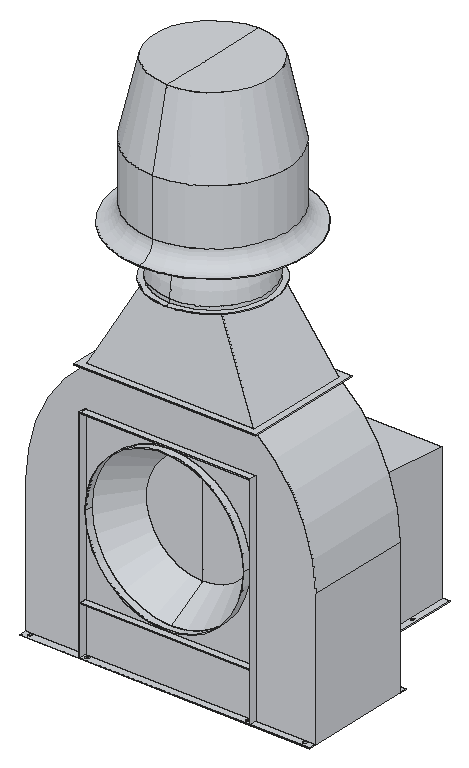
Revit family "CAVP", category Mechanical Equipment, Revit 2019 (continued)
Types (228): name | TRANSITION/2 | TRANSITION | R-((B/2)+1.5") | R+((B/2)+1.5") | R*1.1 | R | P | NOZZLE_WB_RAD-2" | NOZZLE_WB_RAD | NOZZLE_WB_OD | NOZZLE_WB/4 | NOZZLE_TOP_RAD | NOZZLE_TOP_OD | NOZZLE_SIZE | NOZZLE_HEIGHT/7*2 | NOZZLE_HEIGHT | NOZZLE_BOTTOM_RAD-3*2 | NOZZLE_BOTTOM_RAD | NOZZLE_BOTTOM_ID | N+(H/2) | N | M-(2*(D-L-K-J)) | M | L | K | J+K+L | J | HEIGHT | H/2 | H | F/2 | F | E/52*15 | E/2 | E | D-M | D-L-K-J | D | CLASS | C/2 | C | B/4 | B/2 | B | A/2 | A | Type Comments | -(F-((F-H)/2))/2 | (NOZZLE_WB_OD - NOZZLE_TOP_OD) / 4 | (NOZZLE_HEIGHT - (NOZZLE_HEIGHT / 8 * 2)) / 2 | (M - (2 * (D - L - K - J)))/2 | (F-((F-H)/2))/2 | (D-J-K-L)*2 | (B/2)-.125" | (B/2)+1.5" | ((M - (2 * (D - L - K - J))) / 2) + (TRANSITION / 2)
  210_CAVP-15H_CLASS_1 | 7.5572" | 15.11441" | 9 25/32" | 38 23/32" | 26.675" | 24 1/4" | 60" | 16" | 18" | 36" | 7.2" | 11 1/2" | 23" | 15" | 10 3/4" | 43" | 4 11/16" | 10 11/16" | 21 3/8" | 20 5/8" | 7 9/16" | 16 5/16" | 18 5/16" | 20 5/16" | 15 1/8" | 43 15/16" | 8 1/2" | 44.01068" | 13 1/16" | 26 1/8" | 14 1/16" | 28 1/8" | 13.05288" | 22 5/8" | 45 1/4" | 26 5/8" | 1" | 44 15/16" | 1" | 28 3/8" | 56 3/4" | 6 31/64" | 12 31/32" | 25 15/16" | 49 5/8" | 99 1/4" | "Vari-Plume Laboratory Exhaust Centrifugal Airfoil Class 1 Arr 10" | -12 1/16" | 3 1/4" | 16 1/8" | 8 5/32" | 12 1/16" | 2" | 12 27/32" | 14 15/32" | 15.71345"
  210_CAVP-15L_CLASS_1 | 7.5572" | 15.11441" | 9 25/32" | 38 23/32" | 26.675" | 24 1/4" | 60" | 16" | 18" | 36" | 7.2" | 11 1/2" | 23" | 15" | 10 3/4" | 43" | 4 11/16" | 10 11/16" | 21 3/8" | 20 5/8" | 7 9/16" | 16 5/16" | 18 5/16" | 20 5/16" | 15 1/8" | 43 15/16" | 8 1/2" | 44.01068" | 13 1/16" | 26 1/8" | 14 1/16" | 28 1/8" | 13.05288" | 22 5/8" | 45 1/4" | 26 5/8" | 1" | 44 15/16" | 1" | 28 3/8" | 56 3/4" | 6 31/64" | 12 31/32" | 25 15/16" | 49 5/8" | 99 1/4" | "Vari-Plume Laboratory Exhaust Centrifugal Airfoil Class 1 Arr 10" | -12 1/16" | 3 1/4" | 16 1/8" | 8 5/32" | 12 1/16" | 2" | 12 27/32" | 14 15/32" | 15.71345"
  210_CAVP-15L_CLASS_2 | 7.5572" | 15.11441" | 9 25/32" | 38 23/32" | 26.675" | 24 1/4" | 60" | 16" | 18" | 36" | 7.2" | 11 1/2" | 23" | 15" | 10 3/4" | 43" | 4 11/16" | 10 11/16" | 21 3/8" | 20 5/8" | 7 9/16" | 16 5/16" | 18 5/16" | 20 5/16" | 15 1/8" | 43 15/16" | 8 1/2" | 44.01068" | 13 1/16" | 26 1/8" | 14 1/16" | 28 1/8" | 13.05288" | 22 5/8" | 45 1/4" | 26 5/8" | 1" | 44 15/16" | 2" | 28 3/8" | 56 3/4" | 6 31/64" | 12 31/32" | 25 15/16" | 49 5/8" | 99 1/4" | "Vari-Plume Laboratory Exhaust Centrifugal Airfoil Class 2 Arr 10" | -12 1/16" | 3 1/4" | 16 1/8" | 8 5/32" | 12 1/16" | 2" | 12 27/32" | 14 15/32" | 15.71345"
  210_CAVP-15H_CLASS_2 | 7.5572" | 15.11441" | 9 25/32" | 38 23/32" | 26.675" | 24 1/4" | 60" | 16" | 18" | 36" | 7.2" | 11 1/2" | 23" | 15" | 10 3/4" | 43" | 4 11/16" | 10 11/16" | 21 3/8" | 20 5/8" | 7 9/16" | 16 5/16" | 18 5/16" | 20 5/16" | 15 1/8" | 43 15/16" | 8 1/2" | 44.01068" | 13 1/16" | 26 1/8" | 14 1/16" | 28 1/8" | 13.05288" | 22 5/8" | 45 1/4" | 26 5/8" | 1" | 44 15/16" | 2" | 28 3/8" | 56 3/4" | 6 31/64" | 12 31/32" | 25 15/16" | 49 5/8" | 99 1/4" | "Vari-Plume Laboratory Exhaust Centrifugal Airfoil Class 2 Arr 10" | -12 1/16" | 3 1/4" | 16 1/8" | 8 5/32" | 12 1/16" | 2" | 12 27/32" | 14 15/32" | 15.71345"
  210_CAVP-12L_CLASS_2 | 6.0325" | 12.06501" | 9 25/32" | 38 23/32" | 26.675" | 24 1/4" | 60" | 12" | 14" | 28" | 5.6" | 9 3/4" | 19 1/2" | 12" | 8" | 32" | 2 17/32" | 8 17/32" | 17 1/16" | 20 5/8" | 7 9/16" | 16 5/16" | 18 5/16" | 20 5/16" | 15 1/8" | 43 15/16" | 8 1/2" | 44.01068" | 13 1/16" | 26 1/8" | 14 1/16" | 28 1/8" | 13.05288" | 22 5/8" | 45 1/4" | 26 5/8" | 1" | 44 15/16" | 2" | 28 3/8" | 56 3/4" | 6 31/64" | 12 31/32" | 25 15/16" | 49 5/8" | 99 1/4" | "Vari-Plume Laboratory Exhaust Centrifugal Airfoil Class 2 Arr 10" | -12 1/16" | 2 1/8" | 12" | 8 5/32" | 12 1/16" | 2" | 12 27/32" | 14 15/32" | 14.18875"
  210_CAVP-12H_CLASS_2 | 6.0325" | 12.06501" | 9 25/32" | 38 23/32" | 26.675" | 24 1/4" | 60" | 12" | 14" | 28" | 5.6" | 9 3/4" | 19 1/2" | 12" | 8" | 32" | 2 17/32" | 8 17/32" | 17 1/16" | 20 5/8" | 7 9/16" | 16 5/16" | 18 5/16" | 20 5/16" | 15 1/8" | 43 15/16" | 8 1/2" | 44.01068" | 13 1/16" | 26 1/8" | 14 1/16" | 28 1/8" | 13.05288" | 22 5/8" | 45 1/4" | 26 5/8" | 1" | 44 15/16" | 2" | 28 3/8" | 56 3/4" | 6 31/64" | 12 31/32" | 25 15/16" | 49 5/8" | 99 1/4" | "Vari-Plume Laboratory Exhaust Centrifugal Airfoil Class 2 Arr 10" | -12 1/16" | 2 1/8" | 12" | 8 5/32" | 12 1/16" | 2" | 12 27/32" | 14 15/32" | 14.18875"
  225_CAVP-12H_CLASS_1 | 6.0325" | 12.06501" | 9 1/32" | 39 15/32" | 26.675" | 24 1/4" | 60" | 12" | 14" | 28" | 5.6" | 9 3/4" | 19 1/2" | 12" | 8" | 32" | 2 17/32" | 8 17/32" | 17 1/16" | 22 5/32" | 8 11/32" | 17 7/16" | 19 7/16" | 21 7/16" | 15 1/8" | 45 1/16" | 8 1/2" | 45.34807" | 13 13/16" | 27 5/8" | 14 13/16" | 29 5/8" | 13.9363" | 24 5/32" | 48 5/16" | 26 5/8" | 1" | 46 1/16" | 1" | 29 19/32" | 59 3/16" | 6 55/64" | 13 23/32" | 27 7/16" | 53 11/32" | 106 11/16" | "Vari-Plume Laboratory Exhaust Centrifugal Airfoil Class 1 Arr 10" | -12 13/16" | 2 1/8" | 12" | 8 23/32" | 12 13/16" | 2" | 13 19/32" | 15 7/32" | 14.75125"
  225_CAVP-12L_CLASS_1 | 6.0325" | 12.06501" | 9 1/32" | 39 15/32" | 26.675" | 24 1/4" | 60" | 12" | 14" | 28" | 5.6" | 9 3/4" | 19 1/2" | 12" | 8" | 32" | 2 17/32" | 8 17/32" | 17 1/16" | 22 5/32" | 8 11/32" | 17 7/16" | 19 7/16" | 21 7/16" | 15 1/8" | 45 1/16" | 8 1/2" | 45.34807" | 13 13/16" | 27 5/8" | 14 13/16" | 29 5/8" | 13.9363" | 24 5/32" | 48 5/16" | 26 5/8" | 1" | 46 1/16" | 1" | 29 19/32" | 59 3/16" | 6 55/64" | 13 23/32" | 27 7/16" | 53 11/32" | 106 11/16" | "Vari-Plume Laboratory Exhaust Centrifugal Airfoil Class 1 Arr 10" | -12 13/16" | 2 1/8" | 12" | 8 23/32" | 12 13/16" | 2" | 13 19/32" | 15 7/32" | 14.75125"
  225_CAVP-15L_CLASS_1 | 7.5572" | 15.11441" | 9 1/32" | 39 15/32" | 26.675" | 24 1/4" | 60" | 16" | 18" | 36" | 7.2" | 11 1/2" | 23" | 15" | 10 3/4" | 43" | 4 11/16" | 10 11/16" | 21 3/8" | 22 5/32" | 8 11/32" | 17 7/16" | 19 7/16" | 21 7/16" | 15 1/8" | 45 1/16" | 8 1/2" | 45.34807" | 13 13/16" | 27 5/8" | 14 13/16" | 29 5/8" | 13.9363" | 24 5/32" | 48 5/16" | 26 5/8" | 1" | 46 1/16" | 1" | 29 19/32" | 59 3/16" | 6 55/64" | 13 23/32" | 27 7/16" | 53 11/32" | 106 11/16" | "Vari-Plume Laboratory Exhaust Centrifugal Airfoil Class 1 Arr 10" | -12 13/16" | 3 1/4" | 16 1/8" | 8 23/32" | 12 13/16" | 2" | 13 19/32" | 15 7/32" | 16.27595"
  225_CAVP-18H_CLASS_1 | 9.05981" | 18.11961" | 9 1/32" | 39 15/32" | 26.675" | 24 1/4" | 60" | 19 1/2" | 21 1/2" | 43" | 8.6" | 13 3/4" | 27 1/2" | 18" | 12" | 48" | 6 13/16" | 12 13/16" | 25 5/8" | 22 5/32" | 8 11/32" | 17 7/16" | 19 7/16" | 21 7/16" | 15 1/8" | 45 1/16" | 8 1/2" | 45.34807" | 13 13/16" | 27 5/8" | 14 13/16" | 29 5/8" | 13.9363" | 24 5/32" | 48 5/16" | 26 5/8" | 1" | 46 1/16" | 1" | 29 19/32" | 59 3/16" | 6 55/64" | 13 23/32" | 27 7/16" | 53 11/32" | 106 11/16" | "Vari-Plume Laboratory Exhaust Centrifugal Airfoil Class 1 Arr 10" | -12 13/16" | 3 7/8" | 18" | 8 23/32" | 12 13/16" | 2" | 13 19/32" | 15 7/32" | 17.77856"
  225_CAVP-18L_CLASS_1 | 9.05981" | 18.11961" | 9 1/32" | 39 15/32" | 26.675" | 24 1/4" | 60" | 19 1/2" | 21 1/2" | 43" | 8.6" | 13 3/4" | 27 1/2" | 18" | 12" | 48" | 6 13/16" | 12 13/16" | 25 5/8" | 22 5/32" | 8 11/32" | 17 7/16" | 19 7/16" | 21 7/16" | 15 1/8" | 45 1/16" | 8 1/2" | 45.34807" | 13 13/16" | 27 5/8" | 14 13/16" | 29 5/8" | 13.9363" | 24 5/32" | 48 5/16" | 26 5/8" | 1" | 46 1/16" | 1" | 29 19/32" | 59 3/16" | 6 55/64" | 13 23/32" | 27 7/16" | 53 11/32" | 106 11/16" | "Vari-Plume Laboratory Exhaust Centrifugal Airfoil Class 1 Arr 10" | -12 13/16" | 3 7/8" | 18" | 8 23/32" | 12 13/16" | 2" | 13 19/32" | 15 7/32" | 17.77856"
  225_CAVP-18H_CLASS_2 | 9.05981" | 18.11961" | 9 1/32" | 39 15/32" | 26.675" | 24 1/4" | 60" | 19 1/2" | 21 1/2" | 43" | 8.6" | 13 3/4" | 27 1/2" | 18" | 12" | 48" | 6 13/16" | 12 13/16" | 25 5/8" | 22 5/16" | 8 1/2" | 17 7/16" | 19 7/16" | 21 7/16" | 19 3/8" | 49 1/16" | 8 1/4" | 45.34807" | 13 13/16" | 27 5/8" | 14 13/16" | 29 5/8" | 13.9363" | 24 5/32" | 48 5/16" | 30 5/8" | 1" | 50 1/16" | 2" | 29 19/32" | 59 3/16" | 6 55/64" | 13 23/32" | 27 7/16" | 53 11/32" | 106 11/16" | "Vari-Plume Laboratory Exhaust Centrifugal Airfoil Class 2 Arr 10" | -12 13/16" | 3 7/8" | 18" | 8 23/32" | 12 13/16" | 2" | 13 19/32" | 15 7/32" | 17.77856"
  225_CAVP-18L_CLASS_2 | 9.05981" | 18.11961" | 9 1/32" | 39 15/32" | 26.675" | 24 1/4" | 60" | 19 1/2" | 21 1/2" | 43" | 8.6" | 13 3/4" | 27 1/2" | 18" | 12" | 48" | 6 13/16" | 12 13/16" | 25 5/8" | 22 5/16" | 8 1/2" | 17 7/16" | 19 7/16" | 21 7/16" | 19 3/8" | 49 1/16" | 8 1/4" | 45.34807" | 13 13/16" | 27 5/8" | 14 13/16" | 29 5/8" | 13.9363" | 24 5/32" | 48 5/16" | 30 5/8" | 1" | 50 1/16" | 2" | 29 19/32" | 59 3/16" | 6 55/64" | 13 23/32" | 27 7/16" | 53 11/32" | 106 11/16" | "Vari-Plume Laboratory Exhaust Centrifugal Airfoil Class 2 Arr 10" | -12 13/16" | 3 7/8" | 18" | 8 23/32" | 12 13/16" | 2" | 13 19/32" | 15 7/32" | 17.77856"
  225_CAVP-15H_CLASS_2 | 7.5572" | 15.11441" | 9 1/32" | 39 15/32" | 26.675" | 24 1/4" | 60" | 16" | 18" | 36" | 7.2" | 11 1/2" | 23" | 15" | 10 3/4" | 43" | 4 11/16" | 10 11/16" | 21 3/8" | 22 5/16" | 8 1/2" | 17 7/16" | 19 7/16" | 21 7/16" | 19 3/8" | 49 1/16" | 8 1/4" | 45.34807" | 13 13/16" | 27 5/8" | 14 13/16" | 29 5/8" | 13.9363" | 24 5/32" | 48 5/16" | 30 5/8" | 1" | 50 1/16" | 2" | 29 19/32" | 59 3/16" | 6 55/64" | 13 23/32" | 27 7/16" | 53 11/32" | 106 11/16" | "Vari-Plume Laboratory Exhaust Centrifugal Airfoil Class 2 Arr 10" | -12 13/16" | 3 1/4" | 16 1/8" | 8 23/32" | 12 13/16" | 2" | 13 19/32" | 15 7/32" | 16.27595"
  225_CAVP-15L_CLASS_2 | 7.5572" | 15.11441" | 9 1/32" | 39 15/32" | 26.675" | 24 1/4" | 60" | 16" | 18" | 36" | 7.2" | 11 1/2" | 23" | 15" | 10 3/4" | 43" | 4 11/16" | 10 11/16" | 21 3/8" | 22 5/16" | 8 1/2" | 17 7/16" | 19 7/16" | 21 7/16" | 19 3/8" | 49 1/16" | 8 1/4" | 45.34807" | 13 13/16" | 27 5/8" | 14 13/16" | 29 5/8" | 13.9363" | 24 5/32" | 48 5/16" | 30 5/8" | 1" | 50 1/16" | 2" | 29 19/32" | 59 3/16" | 6 55/64" | 13 23/32" | 27 7/16" | 53 11/32" | 106 11/16" | "Vari-Plume Laboratory Exhaust Centrifugal Airfoil Class 2 Arr 10" | -12 13/16" | 3 1/4" | 16 1/8" | 8 23/32" | 12 13/16" | 2" | 13 19/32" | 15 7/32" | 16.27595"
  225_CAVP-12H_CLASS_2 | 6.0325" | 12.06501" | 9 1/32" | 39 15/32" | 26.675" | 24 1/4" | 60" | 12" | 14" | 28" | 5.6" | 9 3/4" | 19 1/2" | 12" | 8" | 32" | 2 17/32" | 8 17/32" | 17 1/16" | 22 5/16" | 8 1/2" | 17 7/16" | 19 7/16" | 21 7/16" | 19 3/8" | 49 1/16" | 8 1/4" | 45.34807" | 13 13/16" | 27 5/8" | 14 13/16" | 29 5/8" | 13.9363" | 24 5/32" | 48 5/16" | 30 5/8" | 1" | 50 1/16" | 2" | 29 19/32" | 59 3/16" | 6 55/64" | 13 23/32" | 27 7/16" | 53 11/32" | 106 11/16" | "Vari-Plume Laboratory Exhaust Centrifugal Airfoil Class 2 Arr 10" | -12 13/16" | 2 1/8" | 12" | 8 23/32" | 12 13/16" | 2" | 13 19/32" | 15 7/32" | 14.75125"
  225_CAVP-12L_CLASS_2 | 6.0325" | 12.06501" | 9 1/32" | 39 15/32" | 26.675" | 24 1/4" | 60" | 12" | 14" | 28" | 5.6" | 9 3/4" | 19 1/2" | 12" | 8" | 32" | 2 17/32" | 8 17/32" | 17 1/16" | 22 5/16" | 8 1/2" | 17 7/16" | 19 7/16" | 21 7/16" | 19 3/8" | 49 1/16" | 8 1/4" | 45.34807" | 13 13/16" | 27 5/8" | 14 13/16" | 29 5/8" | 13.9363" | 24 5/32" | 48 5/16" | 30 5/8" | 1" | 50 1/16" | 2" | 29 19/32" | 59 3/16" | 6 55/64" | 13 23/32" | 27 7/16" | 53 11/32" | 106 11/16" | "Vari-Plume Laboratory Exhaust Centrifugal Airfoil Class 2 Arr 10" | -12 13/16" | 2 1/8" | 12" | 8 23/32" | 12 13/16" | 2" | 13 19/32" | 15 7/32" | 14.75125"
  245_CAVP-12L_CLASS_1 | 6.0325" | 12.06501" | 10 25/32" | 43 7/32" | 29.7" | 27" | 60" | 12" | 14" | 28" | 5.6" | 9 3/4" | 19 1/2" | 12" | 8" | 32" | 2 17/32" | 8 17/32" | 17 1/16" | 24 7/32" | 9 13/32" | 19" | 21" | 23" | 16 7/8" | 48 7/8" | 9" | 49.89946" | 14 13/16" | 29 5/8" | 15 13/16" | 31 5/8" | 15.1262" | 26 7/32" | 52 7/16" | 28 7/8" | 1" | 49 7/8" | 1" | 32 3/8" | 64 3/4" | 7 23/64" | 14 23/32" | 29 7/16" | 56 1/8" | 112 1/4" | "Vari-Plume Laboratory Exhaust Centrifugal Airfoil Class 1 Arr 10" | -13 13/16" | 2 1/8" | 12" | 9 1/2" | 13 13/16" | 2" | 14 19/32" | 16 7/32" | 15.5325"
  245_CAVP-12H_CLASS_1 | 6.0325" | 12.06501" | 10 25/32" | 43 7/32" | 29.7" | 27" | 60" | 12" | 14" | 28" | 5.6" | 9 3/4" | 19 1/2" | 12" | 8" | 32" | 2 17/32" | 8 17/32" | 17 1/16" | 24 7/32" | 9 13/32" | 19" | 21" | 23" | 16 7/8" | 48 7/8" | 9" | 49.89946" | 14 13/16" | 29 5/8" | 15 13/16" | 31 5/8" | 15.1262" | 26 7/32" | 52 7/16" | 28 7/8" | 1" | 49 7/8" | 1" | 32 3/8" | 64 3/4" | 7 23/64" | 14 23/32" | 29 7/16" | 56 1/8" | 112 1/4" | "Vari-Plume Laboratory Exhaust Centrifugal Airfoil Class 1 Arr 10" | -13 13/16" | 2 1/8" | 12" | 9 1/2" | 13 13/16" | 2" | 14 19/32" | 16 7/32" | 15.5325"
  245_CAVP-15L_CLASS_1 | 7.5572" | 15.11441" | 10 25/32" | 43 7/32" | 29.7" | 27" | 60" | 16" | 18" | 36" | 7.2" | 11 1/2" | 23" | 15" | 10 3/4" | 43" | 4 11/16" | 10 11/16" | 21 3/8" | 24 7/32" | 9 13/32" | 19" | 21" | 23" | 16 7/8" | 48 7/8" | 9" | 49.89946" | 14 13/16" | 29 5/8" | 15 13/16" | 31 5/8" | 15.1262" | 26 7/32" | 52 7/16" | 28 7/8" | 1" | 49 7/8" | 1" | 32 3/8" | 64 3/4" | 7 23/64" | 14 23/32" | 29 7/16" | 56 1/8" | 112 1/4" | "Vari-Plume Laboratory Exhaust Centrifugal Airfoil Class 1 Arr 10" | -13 13/16" | 3 1/4" | 16 1/8" | 9 1/2" | 13 13/16" | 2" | 14 19/32" | 16 7/32" | 17.0572"
  245_CAVP-15H_CLASS_1 | 7.5572" | 15.11441" | 10 25/32" | 43 7/32" | 29.7" | 27" | 60" | 16" | 18" | 36" | 7.2" | 11 1/2" | 23" | 15" | 10 3/4" | 43" | 4 11/16" | 10 11/16" | 21 3/8" | 24 7/32" | 9 13/32" | 19" | 21" | 23" | 16 7/8" | 48 7/8" | 9" | 49.89946" | 14 13/16" | 29 5/8" | 15 13/16" | 31 5/8" | 15.1262" | 26 7/32" | 52 7/16" | 28 7/8" | 1" | 49 7/8" | 1" | 32 3/8" | 64 3/4" | 7 23/64" | 14 23/32" | 29 7/16" | 56 1/8" | 112 1/4" | "Vari-Plume Laboratory Exhaust Centrifugal Airfoil Class 1 Arr 10" | -13 13/16" | 3 1/4" | 16 1/8" | 9 1/2" | 13 13/16" | 2" | 14 19/32" | 16 7/32" | 17.0572"
  245_CAVP-18L_CLASS_1 | 9.05981" | 18.11961" | 10 25/32" | 43 7/32" | 29.7" | 27" | 60" | 19 1/2" | 21 1/2" | 43" | 8.6" | 13 3/4" | 27 1/2" | 18" | 12" | 48" | 6 13/16" | 12 13/16" | 25 5/8" | 24 7/32" | 9 13/32" | 19" | 21" | 23" | 16 7/8" | 48 7/8" | 9" | 49.89946" | 14 13/16" | 29 5/8" | 15 13/16" | 31 5/8" | 15.1262" | 26 7/32" | 52 7/16" | 28 7/8" | 1" | 49 7/8" | 1" | 32 3/8" | 64 3/4" | 7 23/64" | 14 23/32" | 29 7/16" | 56 1/8" | 112 1/4" | "Vari-Plume Laboratory Exhaust Centrifugal Airfoil Class 1 Arr 10" | -13 13/16" | 3 7/8" | 18" | 9 1/2" | 13 13/16" | 2" | 14 19/32" | 16 7/32" | 18.55981"
  245_CAVP-18H_CLASS_1 | 9.05981" | 18.11961" | 10 25/32" | 43 7/32" | 29.7" | 27" | 60" | 19 1/2" | 21 1/2" | 43" | 8.6" | 13 3/4" | 27 1/2" | 18" | 12" | 48" | 6 13/16" | 12 13/16" | 25 5/8" | 24 7/32" | 9 13/32" | 19" | 21" | 23" | 16 7/8" | 48 7/8" | 9" | 49.89946" | 14 13/16" | 29 5/8" | 15 13/16" | 31 5/8" | 15.1262" | 26 7/32" | 52 7/16" | 28 7/8" | 1" | 49 7/8" | 1" | 32 3/8" | 64 3/4" | 7 23/64" | 14 23/32" | 29 7/16" | 56 1/8" | 112 1/4" | "Vari-Plume Laboratory Exhaust Centrifugal Airfoil Class 1 Arr 10" | -13 13/16" | 3 7/8" | 18" | 9 1/2" | 13 13/16" | 2" | 14 19/32" | 16 7/32" | 18.55981"
  245_CAVP-12L_CLASS_2 | 6.0325" | 12.06501" | 10 25/32" | 43 7/32" | 29.7" | 27" | 60" | 12" | 14" | 28" | 5.6" | 9 3/4" | 19 1/2" | 12" | 8" | 32" | 2 17/32" | 8 17/32" | 17 1/16" | 24 7/32" | 9 13/32" | 19" | 21" | 23" | 21 1/8" | 53 1/8" | 9" | 49.89946" | 14 13/16" | 29 5/8" | 15 13/16" | 31 5/8" | 15.1262" | 26 7/32" | 52 7/16" | 33 1/8" | 1" | 54 1/8" | 2" | 32 3/8" | 64 3/4" | 7 23/64" | 14 23/32" | 29 7/16" | 56 1/8" | 112 1/4" | "Vari-Plume Laboratory Exhaust Centrifugal Airfoil Class 2 Arr 10" | -13 13/16" | 2 1/8" | 12" | 9 1/2" | 13 13/16" | 2" | 14 19/32" | 16 7/32" | 15.5325"
  245_CAVP-12H_CLASS_2 | 6.0325" | 12.06501" | 10 25/32" | 43 7/32" | 29.7" | 27" | 60" | 12" | 14" | 28" | 5.6" | 9 3/4" | 19 1/2" | 12" | 8" | 32" | 2 17/32" | 8 17/32" | 17 1/16" | 24 7/32" | 9 13/32" | 19" | 21" | 23" | 21 1/8" | 53 1/8" | 9" | 49.89946" | 14 13/16" | 29 5/8" | 15 13/16" | 31 5/8" | 15.1262" | 26 7/32" | 52 7/16" | 33 1/8" | 1" | 54 1/8" | 2" | 32 3/8" | 64 3/4" | 7 23/64" | 14 23/32" | 29 7/16" | 56 1/8" | 112 1/4" | "Vari-Plume Laboratory Exhaust Centrifugal Airfoil Class 2 Arr 10" | -13 13/16" | 2 1/8" | 12" | 9 1/2" | 13 13/16" | 2" | 14 19/32" | 16 7/32" | 15.5325"
  245_CAVP-15L_CLASS_2 | 7.5572" | 15.11441" | 10 25/32" | 43 7/32" | 29.7" | 27" | 60" | 16" | 18" | 36" | 7.2" | 11 1/2" | 23" | 15" | 10 3/4" | 43" | 4 11/16" | 10 11/16" | 21 3/8" | 24 7/32" | 9 13/32" | 19" | 21" | 23" | 21 1/8" | 53 1/8" | 9" | 49.89946" | 14 13/16" | 29 5/8" | 15 13/16" | 31 5/8" | 15.1262" | 26 7/32" | 52 7/16" | 33 1/8" | 1" | 54 1/8" | 2" | 32 3/8" | 64 3/4" | 7 23/64" | 14 23/32" | 29 7/16" | 56 1/8" | 112 1/4" | "Vari-Plume Laboratory Exhaust Centrifugal Airfoil Class 2 Arr 10" | -13 13/16" | 3 1/4" | 16 1/8" | 9 1/2" | 13 13/16" | 2" | 14 19/32" | 16 7/32" | 17.0572"
  245_CAVP-15H_CLASS_2 | 7.5572" | 15.11441" | 10 25/32" | 43 7/32" | 29.7" | 27" | 60" | 16" | 18" | 36" | 7.2" | 11 1/2" | 23" | 15" | 10 3/4" | 43" | 4 11/16" | 10 11/16" | 21 3/8" | 24 7/32" | 9 13/32" | 19" | 21" | 23" | 21 1/8" | 53 1/8" | 9" | 49.89946" | 14 13/16" | 29 5/8" | 15 13/16" | 31 5/8" | 15.1262" | 26 7/32" | 52 7/16" | 33 1/8" | 1" | 54 1/8" | 2" | 32 3/8" | 64 3/4" | 7 23/64" | 14 23/32" | 29 7/16" | 56 1/8" | 112 1/4" | "Vari-Plume Laboratory Exhaust Centrifugal Airfoil Class 2 Arr 10" | -13 13/16" | 3 1/4" | 16 1/8" | 9 1/2" | 13 13/16" | 2" | 14 19/32" | 16 7/32" | 17.0572"
  245_CAVP-18L_CLASS_2 | 9.05981" | 18.11961" | 10 25/32" | 43 7/32" | 29.7" | 27" | 60" | 19 1/2" | 21 1/2" | 43" | 8.6" | 13 3/4" | 27 1/2" | 18" | 12" | 48" | 6 13/16" | 12 13/16" | 25 5/8" | 24 7/32" | 9 13/32" | 19" | 21" | 23" | 21 1/8" | 53 1/8" | 9" | 49.89946" | 14 13/16" | 29 5/8" | 15 13/16" | 31 5/8" | 15.1262" | 26 7/32" | 52 7/16" | 33 1/8" | 1" | 54 1/8" | 2" | 32 3/8" | 64 3/4" | 7 23/64" | 14 23/32" | 29 7/16" | 56 1/8" | 112 1/4" | "Vari-Plume Laboratory Exhaust Centrifugal Airfoil Class 2 Arr 10" | -13 13/16" | 3 7/8" | 18" | 9 1/2" | 13 13/16" | 2" | 14 19/32" | 16 7/32" | 18.55981"
  245_CAVP-18H_CLASS_2 | 9.05981" | 18.11961" | 10 25/32" | 43 7/32" | 29.7" | 27" | 60" | 19 1/2" | 21 1/2" | 43" | 8.6" | 13 3/4" | 27 1/2" | 18" | 12" | 48" | 6 13/16" | 12 13/16" | 25 5/8" | 24 7/32" | 9 13/32" | 19" | 21" | 23" | 21 1/8" | 53 1/8" | 9" | 49.89946" | 14 13/16" | 29 5/8" | 15 13/16" | 31 5/8" | 15.1262" | 26 7/32" | 52 7/16" | 33 1/8" | 1" | 54 1/8" | 2" | 32 3/8" | 64 3/4" | 7 23/64" | 14 23/32" | 29 7/16" | 56 1/8" | 112 1/4" | "Vari-Plume Laboratory Exhaust Centrifugal Airfoil Class 2 Arr 10" | -13 13/16" | 3 7/8" | 18" | 9 1/2" | 13 13/16" | 2" | 14 19/32" | 16 7/32" | 18.55981"
  270_CAVP-12L_CLASS_1 | 6.0325" | 12.06501" | 9 17/32" | 44 15/32" | 29.7" | 27" | 60" | 12" | 14" | 28" | 5.6" | 9 3/4" | 19 1/2" | 12" | 8" | 32" | 2 17/32" | 8 17/32" | 17 1/16" | 26 25/32" | 10 19/32" | 20 7/8" | 22 7/8" | 24 7/8" | 19 1/8" | 53 1/2" | 9 1/2" | 52.13754" | 16 3/16" | 32 3/8" | 17 3/16" | 34 3/8" | 16.60457" | 28 25/32" | 57 9/16" | 31 5/8" | 1" | 54 1/2" | 1" | 34 15/32" | 68 15/16" | 7 63/64" | 15 31/32" | 31 15/16" | 58 7/32" | 116 7/16" | "Vari-Plume Laboratory Exhaust Centrifugal Airfoil Class 1 Arr 10" | -15 3/16" | 2 1/8" | 12" | 10 7/16" | 15 3/16" | 2" | 15 27/32" | 17 15/32" | 16.47"
  270_CAVP-12H_CLASS_1 | 6.0325" | 12.06501" | 9 17/32" | 44 15/32" | 29.7" | 27" | 60" | 12" | 14" | 28" | 5.6" | 9 3/4" | 19 1/2" | 12" | 8" | 32" | 2 17/32" | 8 17/32" | 17 1/16" | 26 25/32" | 10 19/32" | 20 7/8" | 22 7/8" | 24 7/8" | 19 1/8" | 53 1/2" | 9 1/2" | 52.13754" | 16 3/16" | 32 3/8" | 17 3/16" | 34 3/8" | 16.60457" | 28 25/32" | 57 9/16" | 31 5/8" | 1" | 54 1/2" | 1" | 34 15/32" | 68 15/16" | 7 63/64" | 15 31/32" | 31 15/16" | 58 7/32" | 116 7/16" | "Vari-Plume Laboratory Exhaust Centrifugal Airfoil Class 1 Arr 10" | -15 3/16" | 2 1/8" | 12" | 10 7/16" | 15 3/16" | 2" | 15 27/32" | 17 15/32" | 16.47"
  270_CAVP-15L_CLASS_1 | 7.5572" | 15.11441" | 9 17/32" | 44 15/32" | 29.7" | 27" | 60" | 16" | 18" | 36" | 7.2" | 11 1/2" | 23" | 15" | 10 3/4" | 43" | 4 11/16" | 10 11/16" | 21 3/8" | 26 25/32" | 10 19/32" | 20 7/8" | 22 7/8" | 24 7/8" | 19 1/8" | 53 1/2" | 9 1/2" | 52.13754" | 16 3/16" | 32 3/8" | 17 3/16" | 34 3/8" | 16.60457" | 28 25/32" | 57 9/16" | 31 5/8" | 1" | 54 1/2" | 1" | 34 15/32" | 68 15/16" | 7 63/64" | 15 31/32" | 31 15/16" | 58 7/32" | 116 7/16" | "Vari-Plume Laboratory Exhaust Centrifugal Airfoil Class 1 Arr 10" | -15 3/16" | 3 1/4" | 16 1/8" | 10 7/16" | 15 3/16" | 2" | 15 27/32" | 17 15/32" | 17.9947"
  270_CAVP-15H_CLASS_1 | 7.5572" | 15.11441" | 9 17/32" | 44 15/32" | 29.7" | 27" | 60" | 16" | 18" | 36" | 7.2" | 11 1/2" | 23" | 15" | 10 3/4" | 43" | 4 11/16" | 10 11/16" | 21 3/8" | 26 25/32" | 10 19/32" | 20 7/8" | 22 7/8" | 24 7/8" | 19 1/8" | 53 1/2" | 9 1/2" | 52.13754" | 16 3/16" | 32 3/8" | 17 3/16" | 34 3/8" | 16.60457" | 28 25/32" | 57 9/16" | 31 5/8" | 1" | 54 1/2" | 1" | 34 15/32" | 68 15/16" | 7 63/64" | 15 31/32" | 31 15/16" | 58 7/32" | 116 7/16" | "Vari-Plume Laboratory Exhaust Centrifugal Airfoil Class 1 Arr 10" | -15 3/16" | 3 1/4" | 16 1/8" | 10 7/16" | 15 3/16" | 2" | 15 27/32" | 17 15/32" | 17.9947"
  270_CAVP-18L_CLASS_1 | 9.05981" | 18.11961" | 9 17/32" | 44 15/32" | 29.7" | 27" | 60" | 19 1/2" | 21 1/2" | 43" | 8.6" | 13 3/4" | 27 1/2" | 18" | 12" | 48" | 6 13/16" | 12 13/16" | 25 5/8" | 26 25/32" | 10 19/32" | 20 7/8" | 22 7/8" | 24 7/8" | 19 1/8" | 53 1/2" | 9 1/2" | 52.13754" | 16 3/16" | 32 3/8" | 17 3/16" | 34 3/8" | 16.60457" | 28 25/32" | 57 9/16" | 31 5/8" | 1" | 54 1/2" | 1" | 34 15/32" | 68 15/16" | 7 63/64" | 15 31/32" | 31 15/16" | 58 7/32" | 116 7/16" | "Vari-Plume Laboratory Exhaust Centrifugal Airfoil Class 1 Arr 10" | -15 3/16" | 3 7/8" | 18" | 10 7/16" | 15 3/16" | 2" | 15 27/32" | 17 15/32" | 19.49731"
  270_CAVP-18H_CLASS_1 | 9.05981" | 18.11961" | 9 17/32" | 44 15/32" | 29.7" | 27" | 60" | 19 1/2" | 21 1/2" | 43" | 8.6" | 13 3/4" | 27 1/2" | 18" | 12" | 48" | 6 13/16" | 12 13/16" | 25 5/8" | 26 25/32" | 10 19/32" | 20 7/8" | 22 7/8" | 24 7/8" | 19 1/8" | 53 1/2" | 9 1/2" | 52.13754" | 16 3/16" | 32 3/8" | 17 3/16" | 34 3/8" | 16.60457" | 28 25/32" | 57 9/16" | 31 5/8" | 1" | 54 1/2" | 1" | 34 15/32" | 68 15/16" | 7 63/64" | 15 31/32" | 31 15/16" | 58 7/32" | 116 7/16" | "Vari-Plume Laboratory Exhaust Centrifugal Airfoil Class 1 Arr 10" | -15 3/16" | 3 7/8" | 18" | 10 7/16" | 15 3/16" | 2" | 15 27/32" | 17 15/32" | 19.49731"
  270_CAVP-12L_CLASS_2 | 6.0325" | 12.06501" | 9 17/32" | 44 15/32" | 29.7" | 27" | 60" | 12" | 14" | 28" | 5.6" | 9 3/4" | 19 1/2" | 12" | 8" | 32" | 2 17/32" | 8 17/32" | 17 1/16" | 26 3/16" | 10" | 20 7/8" | 22 7/8" | 24 7/8" | 21 3/8" | 55 1/2" | 9 1/4" | 52.13754" | 16 3/16" | 32 3/8" | 17 3/16" | 34 3/8" | 16.60457" | 28 25/32" | 57 9/16" | 33 5/8" | 1" | 56 1/2" | 2" | 34 15/32" | 68 15/16" | 7 63/64" | 15 31/32" | 31 15/16" | 58 7/32" | 116 7/16" | "Vari-Plume Laboratory Exhaust Centrifugal Airfoil Class 2 Arr 10" | -15 3/16" | 2 1/8" | 12" | 10 7/16" | 15 3/16" | 2" | 15 27/32" | 17 15/32" | 16.47"
  270_CAVP-12H_CLASS_2 | 6.0325" | 12.06501" | 9 17/32" | 44 15/32" | 29.7" | 27" | 60" | 12" | 14" | 28" | 5.6" | 9 3/4" | 19 1/2" | 12" | 8" | 32" | 2 17/32" | 8 17/32" | 17 1/16" | 26 3/16" | 10" | 20 7/8" | 22 7/8" | 24 7/8" | 21 3/8" | 55 1/2" | 9 1/4" | 52.13754" | 16 3/16" | 32 3/8" | 17 3/16" | 34 3/8" | 16.60457" | 28 25/32" | 57 9/16" | 33 5/8" | 1" | 56 1/2" | 2" | 34 15/32" | 68 15/16" | 7 63/64" | 15 31/32" | 31 15/16" | 58 7/32" | 116 7/16" | "Vari-Plume Laboratory Exhaust Centrifugal Airfoil Class 2 Arr 10" | -15 3/16" | 2 1/8" | 12" | 10 7/16" | 15 3/16" | 2" | 15 27/32" | 17 15/32" | 16.47"
  270_CAVP-15L_CLASS_2 | 7.5572" | 15.11441" | 9 17/32" | 44 15/32" | 29.7" | 27" | 60" | 16" | 18" | 36" | 7.2" | 11 1/2" | 23" | 15" | 10 3/4" | 43" | 4 11/16" | 10 11/16" | 21 3/8" | 26 3/16" | 10" | 20 7/8" | 22 7/8" | 24 7/8" | 21 3/8" | 55 1/2" | 9 1/4" | 52.13754" | 16 3/16" | 32 3/8" | 17 3/16" | 34 3/8" | 16.60457" | 28 25/32" | 57 9/16" | 33 5/8" | 1" | 56 1/2" | 2" | 34 15/32" | 68 15/16" | 7 63/64" | 15 31/32" | 31 15/16" | 58 7/32" | 116 7/16" | "Vari-Plume Laboratory Exhaust Centrifugal Airfoil Class 2 Arr 10" | -15 3/16" | 3 1/4" | 16 1/8" | 10 7/16" | 15 3/16" | 2" | 15 27/32" | 17 15/32" | 17.9947"
  270_CAVP-15H_CLASS_2 | 7.5572" | 15.11441" | 9 17/32" | 44 15/32" | 29.7" | 27" | 60" | 16" | 18" | 36" | 7.2" | 11 1/2" | 23" | 15" | 10 3/4" | 43" | 4 11/16" | 10 11/16" | 21 3/8" | 26 3/16" | 10" | 20 7/8" | 22 7/8" | 24 7/8" | 21 3/8" | 55 1/2" | 9 1/4" | 52.13754" | 16 3/16" | 32 3/8" | 17 3/16" | 34 3/8" | 16.60457" | 28 25/32" | 57 9/16" | 33 5/8" | 1" | 56 1/2" | 2" | 34 15/32" | 68 15/16" | 7 63/64" | 15 31/32" | 31 15/16" | 58 7/32" | 116 7/16" | "Vari-Plume Laboratory Exhaust Centrifugal Airfoil Class 2 Arr 10" | -15 3/16" | 3 1/4" | 16 1/8" | 10 7/16" | 15 3/16" | 2" | 15 27/32" | 17 15/32" | 17.9947"
  270_CAVP-18L_CLASS_2 | 9.05981" | 18.11961" | 9 17/32" | 44 15/32" | 29.7" | 27" | 60" | 19 1/2" | 21 1/2" | 43" | 8.6" | 13 3/4" | 27 1/2" | 18" | 12" | 48" | 6 13/16" | 12 13/16" | 25 5/8" | 26 3/16" | 10" | 20 7/8" | 22 7/8" | 24 7/8" | 21 3/8" | 55 1/2" | 9 1/4" | 52.13754" | 16 3/16" | 32 3/8" | 17 3/16" | 34 3/8" | 16.60457" | 28 25/32" | 57 9/16" | 33 5/8" | 1" | 56 1/2" | 2" | 34 15/32" | 68 15/16" | 7 63/64" | 15 31/32" | 31 15/16" | 58 7/32" | 116 7/16" | "Vari-Plume Laboratory Exhaust Centrifugal Airfoil Class 2 Arr 10" | -15 3/16" | 3 7/8" | 18" | 10 7/16" | 15 3/16" | 2" | 15 27/32" | 17 15/32" | 19.49731"
  270_CAVP-18H_CLASS_2 | 9.05981" | 18.11961" | 9 17/32" | 44 15/32" | 29.7" | 27" | 60" | 19 1/2" | 21 1/2" | 43" | 8.6" | 13 3/4" | 27 1/2" | 18" | 12" | 48" | 6 13/16" | 12 13/16" | 25 5/8" | 26 3/16" | 10" | 20 7/8" | 22 7/8" | 24 7/8" | 21 3/8" | 55 1/2" | 9 1/4" | 52.13754" | 16 3/16" | 32 3/8" | 17 3/16" | 34 3/8" | 16.60457" | 28 25/32" | 57 9/16" | 33 5/8" | 1" | 56 1/2" | 2" | 34 15/32" | 68 15/16" | 7 63/64" | 15 31/32" | 31 15/16" | 58 7/32" | 116 7/16" | "Vari-Plume Laboratory Exhaust Centrifugal Airfoil Class 2 Arr 10" | -15 3/16" | 3 7/8" | 18" | 10 7/16" | 15 3/16" | 2" | 15 27/32" | 17 15/32" | 19.49731"
  300_CAVP-12L_CLASS_1 | 6.0325" | 12.06501" | 11 1/32" | 48 31/32" | 33" | 30" | 60" | 12" | 14" | 28" | 5.6" | 9 3/4" | 19 1/2" | 12" | 8" | 32" | 2 17/32" | 8 17/32" | 17 1/16" | 29 7/8" | 12 3/16" | 23 3/16" | 25 3/16" | 27 3/16" | 19 1/8" | 56 5/16" | 10" | 57.83963" | 17 11/16" | 35 3/8" | 18 11/16" | 37 3/8" | 18.38942" | 31 7/8" | 63 3/4" | 32 1/8" | 1" | 57 5/16" | 1" | 37 15/32" | 74 15/16" | 8 47/64" | 17 15/32" | 34 15/16" | 61 7/32" | 122 7/16" | "Vari-Plume Laboratory Exhaust Centrifugal Airfoil Class 1 Arr 10" | -16 11/16" | 2 1/8" | 12" | 11 19/32" | 16 11/16" | 2" | 17 11/32" | 18 31/32" | 17.62625"
  300_CAVP-12H_CLASS_1 | 6.0325" | 12.06501" | 11 1/32" | 48 31/32" | 33" | 30" | 60" | 12" | 14" | 28" | 5.6" | 9 3/4" | 19 1/2" | 12" | 8" | 32" | 2 17/32" | 8 17/32" | 17 1/16" | 29 7/8" | 12 3/16" | 23 3/16" | 25 3/16" | 27 3/16" | 19 1/8" | 56 5/16" | 10" | 57.83963" | 17 11/16" | 35 3/8" | 18 11/16" | 37 3/8" | 18.38942" | 31 7/8" | 63 3/4" | 32 1/8" | 1" | 57 5/16" | 1" | 37 15/32" | 74 15/16" | 8 47/64" | 17 15/32" | 34 15/16" | 61 7/32" | 122 7/16" | "Vari-Plume Laboratory Exhaust Centrifugal Airfoil Class 1 Arr 10" | -16 11/16" | 2 1/8" | 12" | 11 19/32" | 16 11/16" | 2" | 17 11/32" | 18 31/32" | 17.62625"
  300_CAVP-15L_CLASS_1 | 7.5572" | 15.11441" | 11 1/32" | 48 31/32" | 33" | 30" | 60" | 16" | 18" | 36" | 7.2" | 11 1/2" | 23" | 15" | 10 3/4" | 43" | 4 11/16" | 10 11/16" | 21 3/8" | 29 7/8" | 12 3/16" | 23 3/16" | 25 3/16" | 27 3/16" | 19 1/8" | 56 5/16" | 10" | 57.83963" | 17 11/16" | 35 3/8" | 18 11/16" | 37 3/8" | 18.38942" | 31 7/8" | 63 3/4" | 32 1/8" | 1" | 57 5/16" | 1" | 37 15/32" | 74 15/16" | 8 47/64" | 17 15/32" | 34 15/16" | 61 7/32" | 122 7/16" | "Vari-Plume Laboratory Exhaust Centrifugal Airfoil Class 1 Arr 10" | -16 11/16" | 3 1/4" | 16 1/8" | 11 19/32" | 16 11/16" | 2" | 17 11/32" | 18 31/32" | 19.15095"
  300_CAVP-15H_CLASS_1 | 7.5572" | 15.11441" | 11 1/32" | 48 31/32" | 33" | 30" | 60" | 16" | 18" | 36" | 7.2" | 11 1/2" | 23" | 15" | 10 3/4" | 43" | 4 11/16" | 10 11/16" | 21 3/8" | 29 7/8" | 12 3/16" | 23 3/16" | 25 3/16" | 27 3/16" | 19 1/8" | 56 5/16" | 10" | 57.83963" | 17 11/16" | 35 3/8" | 18 11/16" | 37 3/8" | 18.38942" | 31 7/8" | 63 3/4" | 32 1/8" | 1" | 57 5/16" | 1" | 37 15/32" | 74 15/16" | 8 47/64" | 17 15/32" | 34 15/16" | 61 7/32" | 122 7/16" | "Vari-Plume Laboratory Exhaust Centrifugal Airfoil Class 1 Arr 10" | -16 11/16" | 3 1/4" | 16 1/8" | 11 19/32" | 16 11/16" | 2" | 17 11/32" | 18 31/32" | 19.15095"
  300_CAVP-18L_CLASS_1 | 9.05981" | 18.11961" | 11 1/32" | 48 31/32" | 33" | 30" | 60" | 19 1/2" | 21 1/2" | 43" | 8.6" | 13 3/4" | 27 1/2" | 18" | 12" | 48" | 6 13/16" | 12 13/16" | 25 5/8" | 29 7/8" | 12 3/16" | 23 3/16" | 25 3/16" | 27 3/16" | 19 1/8" | 56 5/16" | 10" | 57.83963" | 17 11/16" | 35 3/8" | 18 11/16" | 37 3/8" | 18.38942" | 31 7/8" | 63 3/4" | 32 1/8" | 1" | 57 5/16" | 1" | 37 15/32" | 74 15/16" | 8 47/64" | 17 15/32" | 34 15/16" | 61 7/32" | 122 7/16" | "Vari-Plume Laboratory Exhaust Centrifugal Airfoil Class 1 Arr 10" | -16 11/16" | 3 7/8" | 18" | 11 19/32" | 16 11/16" | 2" | 17 11/32" | 18 31/32" | 20.65356"
  300_CAVP-18H_CLASS_1 | 9.05981" | 18.11961" | 11 1/32" | 48 31/32" | 33" | 30" | 60" | 19 1/2" | 21 1/2" | 43" | 8.6" | 13 3/4" | 27 1/2" | 18" | 12" | 48" | 6 13/16" | 12 13/16" | 25 5/8" | 29 7/8" | 12 3/16" | 23 3/16" | 25 3/16" | 27 3/16" | 19 1/8" | 56 5/16" | 10" | 57.83963" | 17 11/16" | 35 3/8" | 18 11/16" | 37 3/8" | 18.38942" | 31 7/8" | 63 3/4" | 32 1/8" | 1" | 57 5/16" | 1" | 37 15/32" | 74 15/16" | 8 47/64" | 17 15/32" | 34 15/16" | 61 7/32" | 122 7/16" | "Vari-Plume Laboratory Exhaust Centrifugal Airfoil Class 1 Arr 10" | -16 11/16" | 3 7/8" | 18" | 11 19/32" | 16 11/16" | 2" | 17 11/32" | 18 31/32" | 20.65356"
  300_CAVP-12L_CLASS_2 | 6.0325" | 12.06501" | 11 1/32" | 48 31/32" | 33" | 30" | 18 1/4" | 12" | 14" | 28" | 5.6" | 9 3/4" | 19 1/2" | 12" | 8" | 32" | 2 17/32" | 8 17/32" | 17 1/16" | 29 7/8" | 12 3/16" | 23 3/16" | 25 3/16" | 27 3/16" | 23" | 60 3/16" | 10" | 57.83963" | 17 11/16" | 35 3/8" | 18 11/16" | 37 3/8" | 18.38942" | 31 7/8" | 63 3/4" | 36" | 1" | 61 3/16" | 2" | 37 15/32" | 74 15/16" | 8 47/64" | 17 15/32" | 34 15/16" | 61 7/32" | 122 7/16" | "Vari-Plume Laboratory Exhaust Centrifugal Airfoil Class 2 Arr 10" | -16 11/16" | 2 1/8" | 12" | 11 19/32" | 16 11/16" | 2" | 17 11/32" | 18 31/32" | 17.62625"
  300_CAVP-12H_CLASS_2 | 6.0325" | 12.06501" | 11 1/32" | 48 31/32" | 33" | 30" | 18 1/4" | 12" | 14" | 28" | 5.6" | 9 3/4" | 19 1/2" | 12" | 8" | 32" | 2 17/32" | 8 17/32" | 17 1/16" | 29 7/8" | 12 3/16" | 23 3/16" | 25 3/16" | 27 3/16" | 23" | 60 3/16" | 10" | 57.83963" | 17 11/16" | 35 3/8" | 18 11/16" | 37 3/8" | 18.38942" | 31 7/8" | 63 3/4" | 36" | 1" | 61 3/16" | 2" | 37 15/32" | 74 15/16" | 8 47/64" | 17 15/32" | 34 15/16" | 61 7/32" | 122 7/16" | "Vari-Plume Laboratory Exhaust Centrifugal Airfoil Class 2 Arr 10" | -16 11/16" | 2 1/8" | 12" | 11 19/32" | 16 11/16" | 2" | 17 11/32" | 18 31/32" | 17.62625"
  300_CAVP-15L_CLASS_2 | 7.5572" | 15.11441" | 11 1/32" | 48 31/32" | 33" | 30" | 18 1/4" | 16" | 18" | 36" | 7.2" | 11 1/2" | 23" | 15" | 10 3/4" | 43" | 4 11/16" | 10 11/16" | 21 3/8" | 29 7/8" | 12 3/16" | 23 3/16" | 25 3/16" | 27 3/16" | 23" | 60 3/16" | 10" | 57.83963" | 17 11/16" | 35 3/8" | 18 11/16" | 37 3/8" | 18.38942" | 31 7/8" | 63 3/4" | 36" | 1" | 61 3/16" | 2" | 37 15/32" | 74 15/16" | 8 47/64" | 17 15/32" | 34 15/16" | 61 7/32" | 122 7/16" | "Vari-Plume Laboratory Exhaust Centrifugal Airfoil Class 2 Arr 10" | -16 11/16" | 3 1/4" | 16 1/8" | 11 19/32" | 16 11/16" | 2" | 17 11/32" | 18 31/32" | 19.15095"
  300_CAVP-15H_CLASS_2 | 7.5572" | 15.11441" | 11 1/32" | 48 31/32" | 33" | 30" | 18 1/4" | 16" | 18" | 36" | 7.2" | 11 1/2" | 23" | 15" | 10 3/4" | 43" | 4 11/16" | 10 11/16" | 21 3/8" | 29 7/8" | 12 3/16" | 23 3/16" | 25 3/16" | 27 3/16" | 23" | 60 3/16" | 10" | 57.83963" | 17 11/16" | 35 3/8" | 18 11/16" | 37 3/8" | 18.38942" | 31 7/8" | 63 3/4" | 36" | 1" | 61 3/16" | 2" | 37 15/32" | 74 15/16" | 8 47/64" | 17 15/32" | 34 15/16" | 61 7/32" | 122 7/16" | "Vari-Plume Laboratory Exhaust Centrifugal Airfoil Class 2 Arr 10" | -16 11/16" | 3 1/4" | 16 1/8" | 11 19/32" | 16 11/16" | 2" | 17 11/32" | 18 31/32" | 19.15095"
  300_CAVP-18L_CLASS_2 | 9.05981" | 18.11961" | 11 1/32" | 48 31/32" | 33" | 30" | 18 1/4" | 19 1/2" | 21 1/2" | 43" | 8.6" | 13 3/4" | 27 1/2" | 18" | 12" | 48" | 6 13/16" | 12 13/16" | 25 5/8" | 29 7/8" | 12 3/16" | 23 3/16" | 25 3/16" | 27 3/16" | 23" | 60 3/16" | 10" | 57.83963" | 17 11/16" | 35 3/8" | 18 11/16" | 37 3/8" | 18.38942" | 31 7/8" | 63 3/4" | 36" | 1" | 61 3/16" | 2" | 37 15/32" | 74 15/16" | 8 47/64" | 17 15/32" | 34 15/16" | 61 7/32" | 122 7/16" | "Vari-Plume Laboratory Exhaust Centrifugal Airfoil Class 2 Arr 10" | -16 11/16" | 3 7/8" | 18" | 11 19/32" | 16 11/16" | 2" | 17 11/32" | 18 31/32" | 20.65356"
  300_CAVP-18H_CLASS_2 | 9.05981" | 18.11961" | 11 1/32" | 48 31/32" | 33" | 30" | 18 1/4" | 19 1/2" | 21 1/2" | 43" | 8.6" | 13 3/4" | 27 1/2" | 18" | 12" | 48" | 6 13/16" | 12 13/16" | 25 5/8" | 29 7/8" | 12 3/16" | 23 3/16" | 25 3/16" | 27 3/16" | 23" | 60 3/16" | 10" | 57.83963" | 17 11/16" | 35 3/8" | 18 11/16" | 37 3/8" | 18.38942" | 31 7/8" | 63 3/4" | 36" | 1" | 61 3/16" | 2" | 37 15/32" | 74 15/16" | 8 47/64" | 17 15/32" | 34 15/16" | 61 7/32" | 122 7/16" | "Vari-Plume Laboratory Exhaust Centrifugal Airfoil Class 2 Arr 10" | -16 11/16" | 3 7/8" | 18" | 11 19/32" | 16 11/16" | 2" | 17 11/32" | 18 31/32" | 20.65356"
  330_CAVP-15L_CLASS_1 | 7.5572" | 15.11441" | 12 17/32" | 53 15/32" | 36.3" | 33" | 60" | 16" | 18" | 36" | 7.2" | 11 1/2" | 23" | 15" | 10 3/4" | 43" | 4 11/16" | 10 11/16" | 21 3/8" | 32 31/32" | 13 25/32" | 25 1/2" | 27 1/2" | 29 1/2" | 19 1/4" | 59 1/4" | 10 1/2" | 63.54171" | 19 3/16" | 38 3/8" | 20 3/16" | 40 3/8" | 20.17428" | 34 31/32" | 69 15/16" | 32 3/4" | 1" | 60 1/4" | 1" | 41 13/32" | 82 13/16" | 9 31/64" | 18 31/32" | 37 15/16" | 72 7/32" | 144 7/16" | "Vari-Plume Laboratory Exhaust Centrifugal Airfoil Class 1 Arr 10" | -18 3/16" | 3 1/4" | 16 1/8" | 12 3/4" | 18 3/16" | 2" | 18 27/32" | 20 15/32" | 20.3072"
  330_CAVP-15H_CLASS_1 | 7.5572" | 15.11441" | 12 17/32" | 53 15/32" | 36.3" | 33" | 60" | 16" | 18" | 36" | 7.2" | 11 1/2" | 23" | 15" | 10 3/4" | 43" | 4 11/16" | 10 11/16" | 21 3/8" | 32 31/32" | 13 25/32" | 25 1/2" | 27 1/2" | 29 1/2" | 19 1/4" | 59 1/4" | 10 1/2" | 63.54171" | 19 3/16" | 38 3/8" | 20 3/16" | 40 3/8" | 20.17428" | 34 31/32" | 69 15/16" | 32 3/4" | 1" | 60 1/4" | 1" | 41 13/32" | 82 13/16" | 9 31/64" | 18 31/32" | 37 15/16" | 72 7/32" | 144 7/16" | "Vari-Plume Laboratory Exhaust Centrifugal Airfoil Class 1 Arr 10" | -18 3/16" | 3 1/4" | 16 1/8" | 12 3/4" | 18 3/16" | 2" | 18 27/32" | 20 15/32" | 20.3072"
  330_CAVP-18L_CLASS_1 | 9.05981" | 18.11961" | 12 17/32" | 53 15/32" | 36.3" | 33" | 60" | 19 1/2" | 21 1/2" | 43" | 8.6" | 13 3/4" | 27 1/2" | 18" | 12" | 48" | 6 13/16" | 12 13/16" | 25 5/8" | 32 31/32" | 13 25/32" | 25 1/2" | 27 1/2" | 29 1/2" | 19 1/4" | 59 1/4" | 10 1/2" | 63.54171" | 19 3/16" | 38 3/8" | 20 3/16" | 40 3/8" | 20.17428" | 34 31/32" | 69 15/16" | 32 3/4" | 1" | 60 1/4" | 1" | 41 13/32" | 82 13/16" | 9 31/64" | 18 31/32" | 37 15/16" | 72 7/32" | 144 7/16" | "Vari-Plume Laboratory Exhaust Centrifugal Airfoil Class 1 Arr 10" | -18 3/16" | 3 7/8" | 18" | 12 3/4" | 18 3/16" | 2" | 18 27/32" | 20 15/32" | 21.80981"
  330_CAVP-18H_CLASS_1 | 9.05981" | 18.11961" | 12 17/32" | 53 15/32" | 36.3" | 33" | 60" | 19 1/2" | 21 1/2" | 43" | 8.6" | 13 3/4" | 27 1/2" | 18" | 12" | 48" | 6 13/16" | 12 13/16" | 25 5/8" | 32 31/32" | 13 25/32" | 25 1/2" | 27 1/2" | 29 1/2" | 19 1/4" | 59 1/4" | 10 1/2" | 63.54171" | 19 3/16" | 38 3/8" | 20 3/16" | 40 3/8" | 20.17428" | 34 31/32" | 69 15/16" | 32 3/4" | 1" | 60 1/4" | 1" | 41 13/32" | 82 13/16" | 9 31/64" | 18 31/32" | 37 15/16" | 72 7/32" | 144 7/16" | "Vari-Plume Laboratory Exhaust Centrifugal Airfoil Class 1 Arr 10" | -18 3/16" | 3 7/8" | 18" | 12 3/4" | 18 3/16" | 2" | 18 27/32" | 20 15/32" | 21.80981"
  330_CAVP-24L_CLASS_1 | 12.28598" | 24.57196" | 12 17/32" | 53 15/32" | 36.3" | 33" | 60" | 28 1/2" | 30 1/2" | 61" | 12.2" | 18 1/4" | 36 1/2" | 24" | 15 1/2" | 62" | 11 3/8" | 17 3/8" | 34 3/4" | 32 31/32" | 13 25/32" | 25 1/2" | 27 1/2" | 29 1/2" | 19 1/4" | 59 1/4" | 10 1/2" | 63.54171" | 19 3/16" | 38 3/8" | 20 3/16" | 40 3/8" | 20.17428" | 34 31/32" | 69 15/16" | 32 3/4" | 1" | 60 1/4" | 1" | 41 13/32" | 82 13/16" | 9 31/64" | 18 31/32" | 37 15/16" | 72 7/32" | 144 7/16" | "Vari-Plume Laboratory Exhaust Centrifugal Airfoil Class 1 Arr 10" | -18 3/16" | 6 1/8" | 23 1/4" | 12 3/4" | 18 3/16" | 2" | 18 27/32" | 20 15/32" | 25.03598"
  330_CAVP-24H_CLASS_1 | 12.28598" | 24.57196" | 12 17/32" | 53 15/32" | 36.3" | 33" | 60" | 28 1/2" | 30 1/2" | 61" | 12.2" | 18 1/4" | 36 1/2" | 24" | 15 1/2" | 62" | 11 3/8" | 17 3/8" | 34 3/4" | 32 31/32" | 13 25/32" | 25 1/2" | 27 1/2" | 29 1/2" | 19 1/4" | 59 1/4" | 10 1/2" | 63.54171" | 19 3/16" | 38 3/8" | 20 3/16" | 40 3/8" | 20.17428" | 34 31/32" | 69 15/16" | 32 3/4" | 1" | 60 1/4" | 1" | 41 13/32" | 82 13/16" | 9 31/64" | 18 31/32" | 37 15/16" | 72 7/32" | 144 7/16" | "Vari-Plume Laboratory Exhaust Centrifugal Airfoil Class 1 Arr 10" | -18 3/16" | 6 1/8" | 23 1/4" | 12 3/4" | 18 3/16" | 2" | 18 27/32" | 20 15/32" | 25.03598"
  330_CAVP-15L_CLASS_2 | 7.5572" | 15.11441" | 12 17/32" | 53 15/32" | 36.3" | 33" | 60" | 16" | 18" | 36" | 7.2" | 11 1/2" | 23" | 15" | 10 3/4" | 43" | 4 11/16" | 10 11/16" | 21 3/8" | 32 31/32" | 13 25/32" | 25 1/2" | 27 1/2" | 29 1/2" | 23" | 63" | 10 1/2" | 63.54171" | 19 3/16" | 38 3/8" | 20 3/16" | 40 3/8" | 20.17428" | 34 31/32" | 69 15/16" | 36 1/2" | 1" | 64" | 2" | 41 13/32" | 82 13/16" | 9 31/64" | 18 31/32" | 37 15/16" | 72 7/32" | 144 7/16" | "Vari-Plume Laboratory Exhaust Centrifugal Airfoil Class 2 Arr 10" | -18 3/16" | 3 1/4" | 16 1/8" | 12 3/4" | 18 3/16" | 2" | 18 27/32" | 20 15/32" | 20.3072"
  330_CAVP-15H_CLASS_2 | 7.5572" | 15.11441" | 12 17/32" | 53 15/32" | 36.3" | 33" | 60" | 16" | 18" | 36" | 7.2" | 11 1/2" | 23" | 15" | 10 3/4" | 43" | 4 11/16" | 10 11/16" | 21 3/8" | 32 31/32" | 13 25/32" | 25 1/2" | 27 1/2" | 29 1/2" | 23" | 63" | 10 1/2" | 63.54171" | 19 3/16" | 38 3/8" | 20 3/16" | 40 3/8" | 20.17428" | 34 31/32" | 69 15/16" | 36 1/2" | 1" | 64" | 2" | 41 13/32" | 82 13/16" | 9 31/64" | 18 31/32" | 37 15/16" | 72 7/32" | 144 7/16" | "Vari-Plume Laboratory Exhaust Centrifugal Airfoil Class 2 Arr 10" | -18 3/16" | 3 1/4" | 16 1/8" | 12 3/4" | 18 3/16" | 2" | 18 27/32" | 20 15/32" | 20.3072"
  330_CAVP-18L_CLASS_2 | 9.05981" | 18.11961" | 12 17/32" | 53 15/32" | 36.3" | 33" | 60" | 19 1/2" | 21 1/2" | 43" | 8.6" | 13 3/4" | 27 1/2" | 18" | 12" | 48" | 6 13/16" | 12 13/16" | 25 5/8" | 32 31/32" | 13 25/32" | 25 1/2" | 27 1/2" | 29 1/2" | 23" | 63" | 10 1/2" | 63.54171" | 19 3/16" | 38 3/8" | 20 3/16" | 40 3/8" | 20.17428" | 34 31/32" | 69 15/16" | 36 1/2" | 1" | 64" | 2" | 41 13/32" | 82 13/16" | 9 31/64" | 18 31/32" | 37 15/16" | 72 7/32" | 144 7/16" | "Vari-Plume Laboratory Exhaust Centrifugal Airfoil Class 2 Arr 10" | -18 3/16" | 3 7/8" | 18" | 12 3/4" | 18 3/16" | 2" | 18 27/32" | 20 15/32" | 21.80981"
  330_CAVP-18H_CLASS_2 | 9.05981" | 18.11961" | 12 17/32" | 53 15/32" | 36.3" | 33" | 60" | 19 1/2" | 21 1/2" | 43" | 8.6" | 13 3/4" | 27 1/2" | 18" | 12" | 48" | 6 13/16" | 12 13/16" | 25 5/8" | 32 31/32" | 13 25/32" | 25 1/2" | 27 1/2" | 29 1/2" | 23" | 63" | 10 1/2" | 63.54171" | 19 3/16" | 38 3/8" | 20 3/16" | 40 3/8" | 20.17428" | 34 31/32" | 69 15/16" | 36 1/2" | 1" | 64" | 2" | 41 13/32" | 82 13/16" | 9 31/64" | 18 31/32" | 37 15/16" | 72 7/32" | 144 7/16" | "Vari-Plume Laboratory Exhaust Centrifugal Airfoil Class 2 Arr 10" | -18 3/16" | 3 7/8" | 18" | 12 3/4" | 18 3/16" | 2" | 18 27/32" | 20 15/32" | 21.80981"
  330_CAVP-24L_CLASS_2 | 12.28598" | 24.57196" | 12 17/32" | 53 15/32" | 36.3" | 33" | 60" | 28 1/2" | 30 1/2" | 61" | 12.2" | 18 1/4" | 36 1/2" | 24" | 15 1/2" | 62" | 11 3/8" | 17 3/8" | 34 3/4" | 32 31/32" | 13 25/32" | 25 1/2" | 27 1/2" | 29 1/2" | 23" | 63" | 10 1/2" | 63.54171" | 19 3/16" | 38 3/8" | 20 3/16" | 40 3/8" | 20.17428" | 34 31/32" | 69 15/16" | 36 1/2" | 1" | 64" | 2" | 41 13/32" | 82 13/16" | 9 31/64" | 18 31/32" | 37 15/16" | 72 7/32" | 144 7/16" | "Vari-Plume Laboratory Exhaust Centrifugal Airfoil Class 2 Arr 10" | -18 3/16" | 6 1/8" | 23 1/4" | 12 3/4" | 18 3/16" | 2" | 18 27/32" | 20 15/32" | 25.03598"
  330_CAVP-24H_CLASS_2 | 12.28598" | 24.57196" | 12 17/32" | 53 15/32" | 36.3" | 33" | 60" | 28 1/2" | 30 1/2" | 61" | 12.2" | 18 1/4" | 36 1/2" | 24" | 15 1/2" | 62" | 11 3/8" | 17 3/8" | 34 3/4" | 32 31/32" | 13 25/32" | 25 1/2" | 27 1/2" | 29 1/2" | 23" | 63" | 10 1/2" | 63.54171" | 19 3/16" | 38 3/8" | 20 3/16" | 40 3/8" | 20.17428" | 34 31/32" | 69 15/16" | 36 1/2" | 1" | 64" | 2" | 41 13/32" | 82 13/16" | 9 31/64" | 18 31/32" | 37 15/16" | 72 7/32" | 144 7/16" | "Vari-Plume Laboratory Exhaust Centrifugal Airfoil Class 2 Arr 10" | -18 3/16" | 6 1/8" | 23 1/4" | 12 3/4" | 18 3/16" | 2" | 18 27/32" | 20 15/32" | 25.03598"
  365_CAVP-15L_CLASS_1 | 7.5572" | 15.11441" | 13 9/32" | 58 23/32" | 39.6" | 36" | 18 1/4" | 16" | 18" | 36" | 7.2" | 11 1/2" | 23" | 15" | 10 3/4" | 43" | 4 11/16" | 10 11/16" | 21 3/8" | 36 21/32" | 15 7/32" | 28 1/8" | 30 1/8" | 32 1/8" | 22 3/4" | 65 7/8" | 11" | 69.76237" | 21 7/16" | 42 7/8" | 22 7/16" | 44 7/8" | 22.30168" | 38 21/32" | 77 5/16" | 36 3/4" | 1" | 66 7/8" | 1" | 46 3/32" | 92 3/16" | 10 39/64" | 21 7/32" | 42 7/16" | 76 29/32" | 153 13/16" | "Vari-Plume Laboratory Exhaust Centrifugal Airfoil Class 1 Arr 10" | -20 7/16" | 3 1/4" | 16 1/8" | 14 1/16" | 20 7/16" | 2" | 21 3/32" | 22 23/32" | 21.6197"
  365_CAVP-15H_CLASS_1 | 7.5572" | 15.11441" | 13 9/32" | 58 23/32" | 39.6" | 36" | 18 1/4" | 16" | 18" | 36" | 7.2" | 11 1/2" | 23" | 15" | 10 3/4" | 43" | 4 11/16" | 10 11/16" | 21 3/8" | 36 21/32" | 15 7/32" | 28 1/8" | 30 1/8" | 32 1/8" | 22 3/4" | 65 7/8" | 11" | 69.76237" | 21 7/16" | 42 7/8" | 22 7/16" | 44 7/8" | 22.30168" | 38 21/32" | 77 5/16" | 36 3/4" | 1" | 66 7/8" | 1" | 46 3/32" | 92 3/16" | 10 39/64" | 21 7/32" | 42 7/16" | 76 29/32" | 153 13/16" | "Vari-Plume Laboratory Exhaust Centrifugal Airfoil Class 1 Arr 10" | -20 7/16" | 3 1/4" | 16 1/8" | 14 1/16" | 20 7/16" | 2" | 21 3/32" | 22 23/32" | 21.6197"
  365_CAVP-18L_CLASS_1 | 9.05981" | 18.11961" | 13 9/32" | 58 23/32" | 39.6" | 36" | 18 1/4" | 19 1/2" | 21 1/2" | 43" | 8.6" | 13 3/4" | 27 1/2" | 18" | 12" | 48" | 6 13/16" | 12 13/16" | 25 5/8" | 36 21/32" | 15 7/32" | 28 1/8" | 30 1/8" | 32 1/8" | 22 3/4" | 65 7/8" | 11" | 69.76237" | 21 7/16" | 42 7/8" | 22 7/16" | 44 7/8" | 22.30168" | 38 21/32" | 77 5/16" | 36 3/4" | 1" | 66 7/8" | 1" | 46 3/32" | 92 3/16" | 10 39/64" | 21 7/32" | 42 7/16" | 76 29/32" | 153 13/16" | "Vari-Plume Laboratory Exhaust Centrifugal Airfoil Class 1 Arr 10" | -20 7/16" | 3 7/8" | 18" | 14 1/16" | 20 7/16" | 2" | 21 3/32" | 22 23/32" | 23.12231"
  365_CAVP-18H_CLASS_1 | 9.05981" | 18.11961" | 13 9/32" | 58 23/32" | 39.6" | 36" | 18 1/4" | 19 1/2" | 21 1/2" | 43" | 8.6" | 13 3/4" | 27 1/2" | 18" | 12" | 48" | 6 13/16" | 12 13/16" | 25 5/8" | 36 21/32" | 15 7/32" | 28 1/8" | 30 1/8" | 32 1/8" | 22 3/4" | 65 7/8" | 11" | 69.76237" | 21 7/16" | 42 7/8" | 22 7/16" | 44 7/8" | 22.30168" | 38 21/32" | 77 5/16" | 36 3/4" | 1" | 66 7/8" | 1" | 46 3/32" | 92 3/16" | 10 39/64" | 21 7/32" | 42 7/16" | 76 29/32" | 153 13/16" | "Vari-Plume Laboratory Exhaust Centrifugal Airfoil Class 1 Arr 10" | -20 7/16" | 3 7/8" | 18" | 14 1/16" | 20 7/16" | 2" | 21 3/32" | 22 23/32" | 23.12231"
